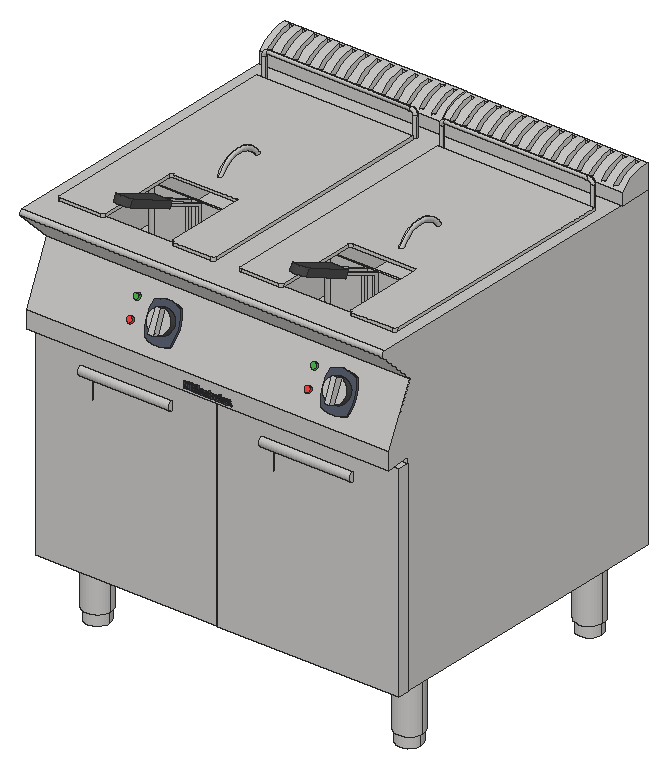
Revit family "QF_ELECTROLUXPROFESSIONAL_371078_E7FREH2BF0", category Specialty Equipment, Revit 2018 (continued)
Automatic sketch dimensions
  Extrusion 18 sketch curve to Extrusion 18 sketch curve = 106.78 mm
  Extrusion 18 sketch curve to Extrusion 18 sketch curve = 18.617 mm
  Extrusion 20 sketch curve to plane 11 = 1.013 mm
  Extrusion 20 sketch curve to plane 11 = 3.696 mm
  Extrusion 20 sketch curve to plane 10 "TOP A" = 11.567 mm
  Extrusion 20 sketch curve to plane 11 = 84.899 mm
  Extrusion 20 sketch curve to plane 10 "TOP A" = 7.522 mm
  Extrusion 20 sketch curve to Extrusion 20 sketch curve = 6.35 mm
  Extrusion 20 sketch curve to Extrusion 20 sketch curve = 97.432 mm
  Extrusion 21 sketch curve to plane 11 = 1.013 mm
  Extrusion 21 sketch curve to plane 11 = 3.696 mm
  Extrusion 21 sketch curve to plane 10 "TOP A" = 11.567 mm
  Extrusion 21 sketch curve to plane 11 = 84.899 mm
  Extrusion 21 sketch curve to Extrusion 21 sketch curve = 6.35 mm
  Extrusion 21 sketch curve to Extrusion 21 sketch curve = 97.432 mm
  Extrusion 21 sketch curve to plane 10 "TOP A" = 7.522 mm
  plane 1 "BACK" to Extrusion 23 sketch curve = 6.761 mm
  Extrusion 23 sketch curve to plane 7 "Center Y" = 15.351 mm
  Extrusion 23 sketch curve to Extrusion 23 sketch curve = 9.296 mm
  Extrusion 23 sketch curve to Extrusion 23 sketch curve = 57.15 mm
  plane 1 "BACK" to Extrusion 24 sketch curve = 6.761 mm
  plane 3 "LEFT" to Extrusion 24 sketch curve = 50.591 mm
  Extrusion 24 sketch curve to Extrusion 24 sketch curve = 9.296 mm
  Extrusion 24 sketch curve to Extrusion 24 sketch curve = 57.15 mm
  plane 1 "BACK" to Extrusion 25 sketch curve = 6.761 mm
  plane 3 "LEFT" to Extrusion 25 sketch curve = 78.433 mm
  Extrusion 25 sketch curve to Extrusion 25 sketch curve = 9.296 mm
  Extrusion 25 sketch curve to Extrusion 25 sketch curve = 57.15 mm
  plane 1 "BACK" to Extrusion 26 sketch curve = 6.761 mm
  plane 3 "LEFT" to Extrusion 26 sketch curve = 106.275 mm
  Extrusion 26 sketch curve to Extrusion 26 sketch curve = 9.296 mm
  Extrusion 26 sketch curve to Extrusion 26 sketch curve = 57.15 mm
  plane 1 "BACK" to Extrusion 27 sketch curve = 6.761 mm
  plane 3 "LEFT" to Extrusion 27 sketch curve = 134.118 mm
  Extrusion 27 sketch curve to Extrusion 27 sketch curve = 9.296 mm
  Extrusion 27 sketch curve to Extrusion 27 sketch curve = 57.15 mm
  plane 1 "BACK" to Extrusion 28 sketch curve = 6.761 mm
  plane 3 "LEFT" to Extrusion 28 sketch curve = 161.96 mm
  Extrusion 28 sketch curve to Extrusion 28 sketch curve = 9.296 mm
  Extrusion 28 sketch curve to Extrusion 28 sketch curve = 57.15 mm
  plane 1 "BACK" to Extrusion 29 sketch curve = 6.761 mm
  plane 3 "LEFT" to Extrusion 29 sketch curve = 189.802 mm
  Extrusion 29 sketch curve to Extrusion 29 sketch curve = 9.296 mm
  Extrusion 29 sketch curve to Extrusion 29 sketch curve = 57.15 mm
  plane 1 "BACK" to Extrusion 30 sketch curve = 6.761 mm
  Extrusion 30 sketch curve to plane 7 "Center Y" = 182.405 mm
  Extrusion 30 sketch curve to Extrusion 30 sketch curve = 9.296 mm
  Extrusion 30 sketch curve to Extrusion 30 sketch curve = 57.15 mm
  plane 1 "BACK" to Extrusion 31 sketch curve = 6.761 mm
  Extrusion 31 sketch curve to plane 7 "Center Y" = 154.563 mm
  Extrusion 31 sketch curve to Extrusion 31 sketch curve = 9.296 mm
  Extrusion 31 sketch curve to Extrusion 31 sketch curve = 57.15 mm
  plane 1 "BACK" to Extrusion 32 sketch curve = 6.761 mm
  Extrusion 32 sketch curve to plane 7 "Center Y" = 126.721 mm
  Extrusion 32 sketch curve to Extrusion 32 sketch curve = 9.296 mm
  Extrusion 32 sketch curve to Extrusion 32 sketch curve = 57.15 mm
  plane 1 "BACK" to Extrusion 33 sketch curve = 6.761 mm
  Extrusion 33 sketch curve to plane 7 "Center Y" = 98.878 mm
  Extrusion 33 sketch curve to Extrusion 33 sketch curve = 9.296 mm
  Extrusion 33 sketch curve to Extrusion 33 sketch curve = 57.15 mm
  plane 1 "BACK" to Extrusion 34 sketch curve = 6.761 mm
  Extrusion 34 sketch curve to plane 7 "Center Y" = 71.036 mm
  Extrusion 34 sketch curve to Extrusion 34 sketch curve = 9.296 mm
  Extrusion 34 sketch curve to Extrusion 34 sketch curve = 57.15 mm
  plane 1 "BACK" to Extrusion 35 sketch curve = 6.761 mm
  Extrusion 35 sketch curve to plane 7 "Center Y" = 43.194 mm
  Extrusion 35 sketch curve to Extrusion 35 sketch curve = 9.296 mm
  Extrusion 35 sketch curve to Extrusion 35 sketch curve = 57.15 mm
  Extrusion 37 sketch curve to plane 1 "BACK" = 6.761 mm
  Extrusion 37 sketch curve to plane 7 "Center Y" = 15.351 mm
  Extrusion 37 sketch curve to Extrusion 37 sketch curve = 9.296 mm
  Extrusion 37 sketch curve to Extrusion 37 sketch curve = 57.15 mm
  Extrusion 44 sketch curve to plane 1 "BACK" = 6.761 mm
  Extrusion 44 sketch curve to plane 7 "Center Y" = 182.405 mm
  Extrusion 44 sketch curve to Extrusion 44 sketch curve = 9.296 mm
  Extrusion 44 sketch curve to Extrusion 44 sketch curve = 57.15 mm
  Extrusion 45 sketch curve to plane 1 "BACK" = 6.761 mm
  Extrusion 45 sketch curve to plane 7 "Center Y" = 154.563 mm
  Extrusion 45 sketch curve to Extrusion 45 sketch curve = 9.296 mm
  Extrusion 45 sketch curve to Extrusion 45 sketch curve = 57.15 mm
  Extrusion 46 sketch curve to plane 1 "BACK" = 6.761 mm
  Extrusion 46 sketch curve to plane 7 "Center Y" = 126.721 mm
  Extrusion 46 sketch curve to Extrusion 46 sketch curve = 9.296 mm
  Extrusion 46 sketch curve to Extrusion 46 sketch curve = 57.15 mm
  Extrusion 47 sketch curve to plane 1 "BACK" = 6.761 mm
  Extrusion 47 sketch curve to plane 7 "Center Y" = 98.878 mm
  Extrusion 47 sketch curve to Extrusion 47 sketch curve = 9.296 mm
  Extrusion 47 sketch curve to Extrusion 47 sketch curve = 57.15 mm
  Extrusion 48 sketch curve to plane 1 "BACK" = 6.761 mm
  Extrusion 48 sketch curve to plane 7 "Center Y" = 71.036 mm
  Extrusion 48 sketch curve to Extrusion 48 sketch curve = 9.296 mm
  Extrusion 48 sketch curve to Extrusion 48 sketch curve = 57.15 mm
  Extrusion 49 sketch curve to plane 1 "BACK" = 6.761 mm
  Extrusion 49 sketch curve to plane 7 "Center Y" = 43.194 mm
  Extrusion 49 sketch curve to Extrusion 49 sketch curve = 9.296 mm
  Extrusion 49 sketch curve to Extrusion 49 sketch curve = 57.15 mm
  plane 1 "BACK" to Extrusion 50 sketch curve = 0 mm
  plane 7 "Center Y" to Extrusion 50 sketch curve = 1.587 mm
  Extrusion 50 sketch curve to plane 7 "Center Y" = 1.588 mm
  Extrusion 50 sketch curve to plane 1 "BACK" = 69.85 mm
  Extrusion 52 sketch curve to plane 5 "FRONT" = 42.863 mm
  Extrusion 52 sketch curve to Extrusion 52 sketch curve = 15 mm
  Extrusion 52 sketch curve to plane 9 "BASE" = 101.212 mm
  Extrusion 52 sketch curve to Extrusion 52 sketch curve = 41.212 mm
  Extrusion 53 sketch curve to plane 5 "FRONT" = 42.863 mm
  Extrusion 53 sketch curve to plane 9 "BASE" = 60 mm
  Extrusion 53 sketch curve to Extrusion 53 sketch curve = 10 mm
  Extrusion 54 sketch curve to plane 5 "FRONT" = 42.863 mm
  Extrusion 54 sketch curve to Extrusion 54 sketch curve = 15 mm
  Extrusion 54 sketch curve to plane 9 "BASE" = 60 mm
  Extrusion 54 sketch curve to Extrusion 54 sketch curve = 41.212 mm
  Extrusion 55 sketch curve to plane 5 "FRONT" = 42.863 mm
  Extrusion 55 sketch curve to plane 9 "BASE" = 40 mm
  Extrusion 55 sketch curve to Extrusion 55 sketch curve = 10 mm
  Revolve 56 sketch curve to level = 0 mm
  Revolve 56 sketch curve to plane 14 = 0 mm  (x2)
  level to Revolve 56 sketch curve = 25 mm
  Revolve 56 sketch curve to Revolve 56 sketch curve = 20 mm
  plane 3 "LEFT" to Revolve 56 sketch curve = 56 mm
  Revolve 56 sketch curve to Revolve 56 sketch curve = 0 mm
  plane 3 "LEFT" to Revolve 56 sketch curve = 29.75 mm
  plane 3 "LEFT" to Revolve 56 sketch curve = 26 mm
  Revolve 57 sketch curve to level = 0 mm
  Revolve 57 sketch curve to plane 14 = 0 mm  (x2)
  level to Revolve 57 sketch curve = 25 mm
  Revolve 57 sketch curve to Revolve 57 sketch curve = 20 mm
  plane 3 "LEFT" to Revolve 57 sketch curve = 56 mm
  Revolve 57 sketch curve to Revolve 57 sketch curve = 0 mm
  plane 3 "LEFT" to Revolve 57 sketch curve = 29.75 mm
  plane 3 "LEFT" to Revolve 57 sketch curve = 26 mm
  plane 3 "LEFT" to curve 170 = 13.453 mm
  curve 170 to curve 170 = 9.296 mm
  curve 170 to curve 172 = 18.547 mm
  curve 172 to curve 172 = 9.296 mm
  curve 172 to curve 173 = 18.547 mm
  curve 173 to curve 173 = 9.296 mm
  curve 173 to curve 174 = 18.547 mm
  curve 174 to curve 174 = 9.296 mm
  curve 174 to curve 175 = 18.547 mm
  curve 175 to curve 175 = 9.296 mm
  curve 175 to curve 176 = 18.547 mm
  curve 176 to curve 176 = 9.296 mm
  curve 176 to curve 177 = 18.547 mm
  curve 177 to curve 177 = 9.296 mm
  curve 177 to curve 178 = 18.547 mm
  curve 178 to curve 178 = 9.296 mm
  curve 178 to curve 179 = 18.547 mm
  curve 179 to curve 179 = 9.296 mm
  curve 179 to curve 180 = 18.547 mm
  curve 180 to curve 180 = 9.296 mm
  curve 180 to curve 181 = 18.547 mm
  curve 181 to curve 181 = 9.296 mm
  curve 181 to curve 182 = 18.547 mm
  curve 182 to curve 182 = 9.296 mm
  curve 182 to curve 183 = 18.547 mm
  curve 183 to curve 183 = 9.296 mm
  curve 183 to curve 171 = 18.547 mm
  curve 171 to curve 171 = 9.296 mm
  plane 7 "Center Y" to curve 185 = 15.351 mm
  curve 185 to curve 185 = 9.296 mm
  curve 185 to curve 197 = 18.547 mm
  curve 197 to curve 197 = 9.296 mm
  curve 197 to curve 196 = 18.547 mm
  curve 196 to curve 196 = 9.296 mm
  curve 196 to curve 195 = 18.547 mm
  curve 195 to curve 195 = 9.296 mm
  curve 195 to curve 194 = 18.547 mm
  curve 194 to curve 194 = 9.296 mm
  curve 194 to curve 193 = 18.547 mm
  curve 193 to curve 193 = 9.296 mm
  curve 193 to curve 192 = 18.547 mm
  curve 192 to curve 192 = 9.296 mm
  curve 192 to curve 191 = 18.547 mm
  curve 191 to curve 191 = 9.296 mm
  curve 191 to curve 190 = 18.547 mm
  curve 190 to curve 190 = 9.296 mm
  curve 190 to curve 189 = 18.547 mm
  curve 189 to curve 189 = 9.296 mm
  curve 189 to curve 188 = 18.547 mm
  curve 188 to curve 188 = 9.296 mm
  curve 188 to curve 187 = 18.547 mm
  curve 187 to curve 187 = 9.296 mm
  curve 187 to curve 186 = 18.547 mm
  curve 186 to curve 186 = 9.296 mm
  curve 186 to curve 184 = 18.547 mm
  curve 184 to curve 184 = 9.296 mm
  plane 1 "BACK" to curve 170 = 63.911 mm
  plane 1 "BACK" to curve 171 = 63.911 mm
  curve 170 to curve 172 = 0 mm
  curve 172 to curve 173 = 0 mm
  curve 173 to curve 174 = 0 mm
  curve 174 to curve 175 = 0 mm
  curve 175 to curve 176 = 0 mm
  curve 176 to curve 177 = 0 mm
  curve 177 to curve 178 = 0 mm
  curve 178 to curve 179 = 0 mm
  curve 179 to curve 180 = 0 mm
  curve 180 to curve 181 = 0 mm
  curve 181 to curve 182 = 0 mm
  curve 182 to curve 183 = 0 mm
  plane 1 "BACK" to curve 184 = 63.911 mm
  curve 171 to curve 185 = 0 mm
  curve 186 to curve 184 = 0 mm
  curve 187 to curve 186 = 0 mm
  curve 188 to curve 187 = 0 mm
  curve 189 to curve 188 = 0 mm
  curve 190 to curve 189 = 0 mm
  curve 191 to curve 190 = 0 mm
  curve 192 to curve 191 = 0 mm
  curve 193 to curve 192 = 0 mm
  curve 194 to curve 193 = 0 mm
  curve 195 to curve 194 = 0 mm
  curve 196 to curve 195 = 0 mm
  curve 197 to curve 196 = 0 mm
  Extrusion 2 sketch curve to plane 10 "TOP A" = 0 mm
  Extrusion 2 sketch curve to plane 1 "BACK" = 0 mm
  Extrusion 2 sketch curve to plane 6 "TOP" = 0 mm
  plane 1 "BACK" to Extrusion 2 sketch curve = 1.769 mm
  plane 10 "TOP A" to Extrusion 2 sketch curve = 25.4 mm
  plane 1 "BACK" to Extrusion 2 sketch curve = 69.85 mm
  plane 12 to Extrusion 3 sketch curve = 0.124 mm  (x2)
  Extrusion 3 sketch curve to plane 4 "RIGHT" = 33.338 mm
  plane 7 "Center Y" to Extrusion 3 sketch curve = 26.988 mm
  Extrusion 3 sketch curve to plane 7 "Center Y" = 26.988 mm
  plane 3 "LEFT" to Extrusion 3 sketch curve = 33.338 mm
  plane 11 to Extrusion 3 sketch curve = 57.877 mm
  Extrusion 3 sketch curve to Extrusion 3 sketch curve = 0 mm
  Extrusion 5 sketch curve to Extrusion 1 = 31.333 mm  (x4)
  Extrusion 5 sketch curve to Extrusion 5 sketch curve = 12.3 mm  (x6)
  Extrusion 5 sketch curve to Extrusion 5 sketch curve = 34.925 mm  (x4)
  Extrusion 1 to Extrusion 5 sketch curve = 44.467 mm  (x2)
  Extrusion 1 to Extrusion 5 sketch curve = 76.335 mm
  Extrusion 5 sketch curve to Extrusion 5 sketch curve = 25.727 mm  (x4)
  Extrusion 5 sketch curve to Extrusion 5 sketch curve = 28.575 mm  (x2)
  Extrusion 5 sketch curve to Extrusion 5 sketch curve = 280.219 mm
  Extrusion 6 sketch curve to Extrusion 6 sketch curve = 0 mm
  Extrusion 6 sketch curve to Extrusion 6 sketch curve = 388.937 mm
  Extrusion 7 sketch curve to Extrusion 7 sketch curve = 24.732 mm  (x2)
  Extrusion 7 sketch curve to Extrusion 7 sketch curve = 0 mm  (x2)
  Extrusion 1 to Extrusion 8 sketch curve = 39.678 mm  (x2)
  Extrusion 1 to Extrusion 8 sketch curve = 194.515 mm
  Extrusion 1 to Extrusion 8 sketch curve = 213.473 mm
  Extrusion 9 sketch curve to Extrusion 1 = 50.809 mm  (x2)
  Extrusion 1 to Extrusion 9 sketch curve = 194.515 mm
  Extrusion 1 to Extrusion 9 sketch curve = 213.473 mm
  plane 1 "BACK" to Extrusion 10 sketch curve = 0 mm
  Extrusion 10 sketch curve to plane 3 "LEFT" = 0 mm
  Extrusion 10 sketch curve to plane 4 "RIGHT" = 0 mm
  Extrusion 10 sketch curve to plane 3 "LEFT" = 150.019 mm
  plane 5 "FRONT" to Extrusion 10 sketch curve = 1.377 mm  (x2)
  plane 4 "RIGHT" to Extrusion 10 sketch curve = 150.019 mm
  Extrusion 10 sketch curve to plane 1 "BACK" = 150.019 mm
  curve 168 to plane 4 "RIGHT" = 0 mm
  curve 7 to plane 4 "RIGHT" = 0 mm
  plane 5 "FRONT" to curve 169 = 0 mm
  plane 1 "BACK" to curve 163 = 0 mm
  curve 6 to plane 3 "LEFT" = 0 mm
  curve 166 to plane 3 "LEFT" = 0 mm
  plane 4 "RIGHT" to curve 3 = 150.019 mm
  curve 122 to curve 121 = 9.296 mm
  curve 56 to plane 4 "RIGHT" = 26.987 mm
  curve 44 to curve 44 = 6.35 mm
  curve 43 to curve 78 = 10.61 mm
  plane 1 "BACK" to curve 129 = 6.761 mm
  curve 121 to curve 129 = 18.547 mm
  curve 128 to curve 127 = 9.296 mm
  curve 127 to curve 131 = 18.547 mm
  curve 169 to plane 4 "RIGHT" = 74.24 mm
  curve 131 to curve 132 = 9.296 mm
  curve 130 to curve 134 = 18.547 mm
  curve 169 to curve 46 = 47.997 mm
  curve 48 to plane 4 "RIGHT" = 128.587 mm
  curve 47 to curve 48 = 6.35 mm
  plane 1 "BACK" to curve 140 = 6.761 mm
  curve 136 to curve 140 = 18.547 mm
  curve 140 to curve 139 = 9.296 mm
  curve 47 to curve 67 = 54.879 mm
  curve 60 to curve 67 = 0 mm
  curve 60 to curve 67 = 3.442 mm
  curve 143 to curve 142 = 9.296 mm
  curve 58 to curve 64 = 4.079 mm
  curve 48 to curve 68 = 60.633 mm
  curve 64 to curve 63 = 5.857 mm
  curve 68 to curve 70 = 4.449 mm
  curve 67 to curve 60 = 18.617 mm
  curve 67 to curve 60 = 0 mm
  curve 63 to curve 66 = 17.363 mm
  curve 146 to curve 147 = 9.296 mm
  curve 66 to curve 65 = 5.857 mm
  curve 61 to curve 62 = 37.235 mm
  plane 1 "BACK" to curve 150 = 6.761 mm
  curve 145 to curve 150 = 18.547 mm
  curve 149 to curve 148 = 9.296 mm
  curve 65 to curve 50 = 51.399 mm
  curve 152 to curve 151 = 9.296 mm
  curve 62 to curve 62 = 53.67 mm
  curve 51 to curve 53 = 6.35 mm
  plane 1 "BACK" to curve 156 = 6.761 mm
  curve 151 to curve 156 = 18.547 mm
  curve 155 to curve 156 = 9.296 mm
  curve 158 to curve 159 = 9.296 mm
  plane 7 "Center Y" to curve 169 = 54.971 mm
  curve 157 to curve 161 = 18.547 mm
  curve 161 to curve 160 = 9.296 mm
  plane 7 "Center Y" to curve 53 = 33.338 mm
  plane 7 "Center Y" to curve 79 = 28.891 mm
  curve 54 to curve 54 = 6.35 mm
  curve 160 to curve 125 = 18.547 mm
  curve 125 to curve 124 = 9.296 mm
  plane 7 "Center Y" to curve 168 = 3.9 mm
  plane 7 "Center Y" to curve 163 = 1.588 mm
  curve 164 to plane 7 "Center Y" = 1.587 mm
  curve 166 to plane 7 "Center Y" = 3.9 mm
  plane 1 "BACK" to curve 82 = 6.761 mm
  curve 164 to curve 82 = 13.764 mm
  curve 24 to plane 7 "Center Y" = 26.988 mm
  curve 23 to curve 77 = 1.903 mm
  curve 22 to curve 22 = 6.35 mm
  curve 83 to curve 118 = 18.547 mm
  curve 118 to curve 120 = 9.296 mm
  curve 167 to plane 7 "Center Y" = 54.971 mm
  curve 116 to curve 112 = 18.547 mm
  curve 112 to curve 113 = 9.296 mm
  curve 22 to curve 20 = 82.55 mm
  curve 18 to plane 7 "Center Y" = 122.238 mm
  plane 1 "BACK" to curve 109 = 6.761 mm
  curve 113 to curve 109 = 18.547 mm
  curve 18 to curve 17 = 6.35 mm
  curve 109 to curve 110 = 9.296 mm
  plane 1 "BACK" to curve 108 = 6.761 mm
  curve 110 to curve 108 = 18.547 mm
  curve 106 to curve 107 = 9.296 mm
  curve 27 to plane 11 = 5.711 mm
  curve 19 to curve 27 = 53.67 mm
  curve 26 to curve 34 = 4.079 mm
  curve 107 to curve 103 = 18.547 mm
  curve 34 to curve 35 = 5.857 mm
  curve 103 to curve 104 = 9.296 mm
  curve 36 to curve 36 = 18.617 mm
  curve 29 to curve 36 = 0 mm
  plane 8 "Center X" to curve 38 = 38.031 mm
  curve 18 to curve 38 = 66.994 mm
  curve 40 to curve 40 = 4.449 mm
  curve 35 to curve 32 = 17.363 mm
  curve 32 to curve 33 = 5.857 mm
  plane 1 "BACK" to curve 102 = 6.761 mm
  curve 104 to curve 102 = 18.547 mm
  curve 33 to curve 28 = 4.079 mm
  curve 36 to curve 36 = 3.442 mm
  curve 36 to curve 29 = 3.442 mm
  curve 100 to curve 101 = 9.296 mm
  curve 101 to curve 97 = 18.547 mm
  curve 97 to curve 99 = 9.296 mm
  curve 33 to curve 17 = 56.049 mm
  plane 1 "BACK" to curve 94 = 6.761 mm
  curve 98 to curve 94 = 18.547 mm
  curve 16 to curve 15 = 6.35 mm
  curve 94 to curve 95 = 9.296 mm
  curve 15 to curve 14 = 6.35 mm
  curve 95 to curve 91 = 18.547 mm
  plane 1 "BACK" to curve 88 = 6.761 mm
  curve 92 to curve 88 = 18.547 mm
  curve 167 to curve 5 = 74.24 mm
  curve 88 to curve 90 = 9.296 mm
  plane 3 "LEFT" to curve 75 = 37.598 mm
  plane 3 "LEFT" to curve 12 = 33.338 mm
  curve 75 to curve 11 = 10.61 mm
  curve 8 to curve 9 = 9.296 mm
  plane 5 "FRONT" to curve 1 = 1.377 mm
  curve 1 to plane 3 "LEFT" = 150.019 mm
  curve 1 to plane 1 "BACK" = 150.019 mm
  plane 1 "BACK" to curve 162 = 6.761 mm
  plane 1 "BACK" to curve 98 = 6.761 mm
  plane 1 "BACK" to curve 8 = 6.761 mm
  plane 1 "BACK" to curve 93 = 6.761 mm
  plane 1 "BACK" to curve 159 = 6.761 mm
  plane 1 "BACK" to curve 87 = 6.761 mm
  plane 1 "BACK" to curve 153 = 6.761 mm
  plane 1 "BACK" to curve 147 = 6.761 mm
  plane 1 "BACK" to curve 103 = 6.761 mm
  plane 1 "BACK" to curve 144 = 6.761 mm
  plane 1 "BACK" to curve 138 = 6.761 mm
  plane 1 "BACK" to curve 112 = 6.761 mm
  plane 1 "BACK" to curve 135 = 6.761 mm
  plane 1 "BACK" to curve 115 = 6.761 mm
  plane 1 "BACK" to curve 132 = 6.761 mm
  plane 1 "BACK" to curve 118 = 6.761 mm
  plane 1 "BACK" to curve 121 = 6.761 mm
  plane 1 "BACK" to curve 126 = 6.761 mm
  curve 125 to curve 125 = 57.15 mm
  curve 127 to curve 121 = 0 mm
  curve 130 to curve 127 = 0 mm
  curve 133 to curve 130 = 0 mm
  curve 136 to curve 133 = 0 mm
  curve 139 to curve 136 = 0 mm
  curve 142 to curve 139 = 0 mm
  curve 145 to curve 142 = 0 mm
  curve 118 to curve 82 = 0 mm
  curve 148 to curve 145 = 0 mm
  curve 8 to curve 85 = 0 mm
  curve 151 to curve 148 = 0 mm
  curve 85 to curve 88 = 0 mm
  curve 154 to curve 151 = 0 mm
  curve 88 to curve 91 = 0 mm
  curve 157 to curve 154 = 0 mm
  curve 94 to curve 98 = 0 mm
  curve 125 to curve 160 = 0 mm
  curve 82 to curve 164 = 5.939 mm
  curve 25 to curve 165 = 0 mm
  curve 125 to curve 78 = 36.504 mm
  curve 83 to curve 77 = 36.504 mm
  curve 74 to curve 75 = 7.655 mm
  curve 78 to curve 79 = 7.655 mm
  curve 79 to curve 56 = 4.767 mm
  curve 75 to curve 11 = 4.767 mm
  plane 8 "Center X" to curve 71 = 38.031 mm
  curve 37 to plane 8 "Center X" = 63.432 mm
  curve 70 to plane 8 "Center X" = 63.432 mm
  curve 69 to curve 50 = 46.229 mm
  curve 37 to curve 16 = 46.229 mm
  curve 50 to curve 72 = 22.324 mm
  curve 16 to curve 41 = 22.324 mm
  curve 72 to curve 73 = 3.175 mm
  curve 41 to curve 42 = 3.175 mm
  curve 66 to plane 11 = 5.711 mm
  plane 11 to curve 55 = 57.877 mm
  plane 11 to curve 19 = 57.877 mm
  plane 11 to curve 43 = 57.877 mm
  plane 11 to curve 15 = 57.877 mm
  curve 11 to curve 166 = 31.626 mm
  curve 43 to curve 168 = 31.626 mm
  curve 30 to curve 36 = 33.188 mm
  curve 61 to curve 67 = 33.188 mm
  curve 67 to curve 60 = 6.713 mm
  curve 36 to curve 29 = 6.713 mm  (x2)
  curve 29 to curve 36 = 4.011 mm
  curve 60 to curve 67 = 4.011 mm
  curve 67 to curve 59 = 6.713 mm
  plane 5 "FRONT" to curve 3 = 1.377 mm
  Extrusion 11 sketch curve to plane 4 "RIGHT" = 26.988 mm
  Extrusion 11 sketch curve to Extrusion 11 sketch curve = 6.35 mm  (x8)
  Extrusion 11 sketch curve to Extrusion 11 sketch curve = 88.9 mm
  Extrusion 11 sketch curve to plane 4 "RIGHT" = 128.588 mm
  plane 7 "Center Y" to Extrusion 11 sketch curve = 128.588 mm
  plane 11 to Extrusion 11 sketch curve = 57.877 mm  (x4)
  plane 7 "Center Y" to Extrusion 11 sketch curve = 122.238 mm
  plane 7 "Center Y" to Extrusion 11 sketch curve = 33.338 mm
  Extrusion 11 sketch curve to plane 7 "Center Y" = 26.988 mm
  Extrusion 11 sketch curve to Extrusion 11 sketch curve = 82.55 mm
  plane 3 "LEFT" to Extrusion 11 sketch curve = 134.938 mm
  plane 3 "LEFT" to Extrusion 11 sketch curve = 128.588 mm
  plane 3 "LEFT" to Extrusion 11 sketch curve = 33.338 mm
  plane 3 "LEFT" to Extrusion 11 sketch curve = 26.988 mm
  Extrusion 11 sketch curve to plane 8 "Center X" = 116.012 mm  (x2)
  Extrusion 11 sketch curve to plane 12 = 34.801 mm  (x2)
  Sweep 12 sketch curve to plane 10 "TOP A" = 0 mm  (x2)
  Sweep 12 sketch curve to plane 6 "TOP" = 9.525 mm
  plane 3 "LEFT" to Sweep 12 sketch curve = 39.688 mm
  Sweep 12 sketch curve to Sweep 12 sketch curve = 6.35 mm  (x2)
  Sweep 12 sketch curve to plane 7 "Center Y" = 37.331 mm
  Sweep 12 sketch curve to profile plane = 2.09 mm
  profile plane to Sweep 12 sketch curve = 140.754 mm
  Extrusion 19 sketch curve to Extrusion 19 sketch curve = 0 mm  (x16)
  Extrusion 19 sketch curve to plane 4 "RIGHT" = 91.225 mm
  Extrusion 19 sketch curve to Extrusion 19 sketch curve = 3.175 mm  (x2)
  Extrusion 19 sketch curve to Extrusion 19 sketch curve = 22.225 mm  (x6)
  plane 7 "Center Y" to Extrusion 19 sketch curve = 105.625 mm  (x2)
  plane 12 to Extrusion 19 sketch curve = 44.673 mm
  Extrusion 19 sketch curve to plane 7 "Center Y" = 80.225 mm
  plane 3 "LEFT" to Extrusion 19 sketch curve = 116.625 mm  (x2)
  plane 12 to Extrusion 19 sketch curve = 41.498 mm
  Extrusion 19 sketch curve to plane 8 "Center X" = 116.11 mm  (x2)
  Sweep 22 sketch curve to plane 10 "TOP A" = 0 mm  (x2)
  Sweep 22 sketch curve to plane 6 "TOP" = 9.525 mm
  Sweep 22 sketch curve to plane 4 "RIGHT" = 39.688 mm
  Sweep 22 sketch curve to Sweep 22 sketch curve = 6.35 mm  (x2)
  plane 7 "Center Y" to Sweep 22 sketch curve = 37.331 mm
  profile plane to Sweep 22 sketch curve = 2.09 mm
  profile plane to Sweep 22 sketch curve = 140.754 mm
  Extrusion 36 sketch curve to plane 1 "BACK" = 6.761 mm
  plane 4 "RIGHT" to Extrusion 36 sketch curve = 22.749 mm
  Extrusion 36 sketch curve to Extrusion 36 sketch curve = 9.296 mm
  Extrusion 36 sketch curve to Extrusion 36 sketch curve = 57.15 mm
  Extrusion 38 sketch curve to plane 1 "BACK" = 6.761 mm
  plane 4 "RIGHT" to Extrusion 38 sketch curve = 50.591 mm
  Extrusion 38 sketch curve to Extrusion 38 sketch curve = 9.296 mm
  Extrusion 38 sketch curve to Extrusion 38 sketch curve = 57.15 mm
  Extrusion 39 sketch curve to plane 1 "BACK" = 6.761 mm
  plane 4 "RIGHT" to Extrusion 39 sketch curve = 78.433 mm
  Extrusion 39 sketch curve to Extrusion 39 sketch curve = 9.296 mm
  Extrusion 39 sketch curve to Extrusion 39 sketch curve = 57.15 mm
  Extrusion 40 sketch curve to plane 1 "BACK" = 6.761 mm
  plane 4 "RIGHT" to Extrusion 40 sketch curve = 106.275 mm
  Extrusion 40 sketch curve to Extrusion 40 sketch curve = 9.296 mm
  Extrusion 40 sketch curve to Extrusion 40 sketch curve = 57.15 mm
  Extrusion 41 sketch curve to plane 1 "BACK" = 6.761 mm
  plane 4 "RIGHT" to Extrusion 41 sketch curve = 134.118 mm
  Extrusion 41 sketch curve to Extrusion 41 sketch curve = 9.296 mm
  Extrusion 41 sketch curve to Extrusion 41 sketch curve = 57.15 mm
  Extrusion 42 sketch curve to plane 1 "BACK" = 6.761 mm
  plane 4 "RIGHT" to Extrusion 42 sketch curve = 161.96 mm
  Extrusion 42 sketch curve to Extrusion 42 sketch curve = 9.296 mm
  Extrusion 42 sketch curve to Extrusion 42 sketch curve = 57.15 mm
  Extrusion 43 sketch curve to plane 1 "BACK" = 6.761 mm
  plane 4 "RIGHT" to Extrusion 43 sketch curve = 189.802 mm
  Extrusion 43 sketch curve to Extrusion 43 sketch curve = 9.296 mm
  Extrusion 43 sketch curve to Extrusion 43 sketch curve = 57.15 mm
  Extrusion 51 sketch curve to Extrusion 1 = 0 mm
  Extrusion 1 to Extrusion 51 sketch curve = 12.7 mm
  Extrusion 1 to Extrusion 51 sketch curve = 398.463 mm
  Extrusion 51 sketch curve to Extrusion 51 sketch curve = 3.175 mm
  Revolve 58 sketch curve to level = 0 mm
  Revolve 58 sketch curve to plane 14 = 0 mm  (x2)
  level to Revolve 58 sketch curve = 25 mm
  Revolve 58 sketch curve to Revolve 58 sketch curve = 20 mm
  Revolve 58 sketch curve to plane 4 "RIGHT" = 26 mm
  Revolve 58 sketch curve to Revolve 58 sketch curve = 3.75 mm
  Revolve 58 sketch curve to Revolve 58 sketch curve = 30 mm
  Revolve 58 sketch curve to Revolve 58 sketch curve = 0 mm
  Revolve 59 sketch curve to level = 0 mm
  Revolve 59 sketch curve to plane 14 = 0 mm  (x2)
  level to Revolve 59 sketch curve = 25 mm
  Revolve 59 sketch curve to Revolve 59 sketch curve = 20 mm
  Revolve 59 sketch curve to plane 4 "RIGHT" = 26 mm
  Revolve 59 sketch curve to Revolve 59 sketch curve = 3.75 mm
  Revolve 59 sketch curve to Revolve 59 sketch curve = 30 mm
  Revolve 59 sketch curve to Revolve 59 sketch curve = 0 mm
  Extrusion 60 sketch curve to plane 4 "RIGHT" = 0 mm
  Extrusion 60 sketch curve to plane 3 "LEFT" = 0 mm
  plane 7 "Center Y" to Extrusion 60 sketch curve = 1.588 mm
  Extrusion 60 sketch curve to plane 7 "Center Y" = 1.588 mm
  Extrusion 60 sketch curve to plane 5 "FRONT" = 42.863 mm  (x2)
  Extrusion 61 sketch curve to plane 4 "RIGHT" = 56 mm
  Extrusion 61 sketch curve to plane 11 = 92.884 mm
  curve 122 to plane 4 "RIGHT" = 13.453 mm
  curve 134 to curve 133 = 9.296 mm
  curve 133 to curve 138 = 18.547 mm
  curve 137 to curve 138 = 9.296 mm
  curve 139 to curve 143 = 18.547 mm
  curve 142 to curve 146 = 18.547 mm
  curve 148 to curve 152 = 18.547 mm
  curve 154 to curve 158 = 18.547 mm
  curve 82 to curve 84 = 9.296 mm
  curve 119 to curve 115 = 18.547 mm
  curve 115 to curve 116 = 9.296 mm
  curve 91 to curve 92 = 9.296 mm
  curve 89 to curve 85 = 18.547 mm
  curve 85 to curve 86 = 9.296 mm
  curve 86 to curve 10 = 18.547 mm
  curve 112 to curve 112 = 57.15 mm
  curve 113 to curve 112 = 0 mm
  curve 112 to curve 115 = 0 mm
  curve 116 to curve 115 = 0 mm
  curve 115 to curve 118 = 0 mm
  curve 110 to curve 113 = 0 mm
  curve 110 to curve 109 = 0 mm
  curve 119 to curve 118 = 0 mm
  curve 121 to curve 165 = 5.939 mm
  curve 121 to curve 122 = 0 mm
  curve 124 to curve 125 = 0 mm
  curve 107 to curve 110 = 0 mm
  curve 107 to curve 106 = 0 mm
  curve 127 to curve 128 = 0 mm
  curve 104 to curve 107 = 0 mm
  curve 104 to curve 103 = 0 mm
  curve 130 to curve 131 = 0 mm
  curve 133 to curve 134 = 0 mm
  curve 101 to curve 104 = 0 mm
  curve 101 to curve 100 = 0 mm
  curve 136 to curve 137 = 0 mm
  curve 139 to curve 140 = 0 mm
  curve 98 to curve 101 = 0 mm
  curve 98 to curve 97 = 0 mm
  curve 142 to curve 143 = 0 mm
  curve 86 to curve 25 = 5.939 mm
  curve 86 to curve 85 = 0 mm
  curve 95 to curve 94 = 0 mm
  curve 145 to curve 146 = 0 mm
  curve 148 to curve 149 = 0 mm
  curve 92 to curve 91 = 0 mm
  curve 151 to curve 152 = 0 mm
  curve 154 to curve 155 = 0 mm
  curve 89 to curve 88 = 0 mm
  curve 9 to curve 8 = 0 mm
  curve 160 to curve 161 = 0 mm
  curve 83 to curve 82 = 0 mm
  curve 157 to curve 158 = 0 mm
  plane 9 "BASE" to Extrusion 62 sketch curve = 9.251 mm
  plane 9 "BASE" to Extrusion 62 sketch curve = 14.292 mm
  plane 7 "Center Y" to Extrusion 62 sketch curve = 5.651 mm
  plane 9 "BASE" to Extrusion 62 sketch curve = 14.311 mm
  Extrusion 62 sketch curve to Extrusion 62 sketch curve = 0 mm  (x28)
  Extrusion 62 sketch curve to Extrusion 62 sketch curve = 5.108 mm  (x2)
  Extrusion 62 sketch curve to Extrusion 62 sketch curve = 0.054 mm
  Extrusion 62 sketch curve to Extrusion 62 sketch curve = 0.218 mm
  Extrusion 62 sketch curve to Extrusion 62 sketch curve = 0.195 mm
  Extrusion 62 sketch curve to Extrusion 62 sketch curve = 0.249 mm
  plane 9 "BASE" to Extrusion 62 sketch curve = 14.608 mm
  Extrusion 62 sketch curve to Extrusion 62 sketch curve = 0.087 mm
  Extrusion 62 sketch curve to Extrusion 62 sketch curve = 0.358 mm
  Extrusion 62 sketch curve to Extrusion 62 sketch curve = 0.481 mm
  Extrusion 62 sketch curve to Extrusion 62 sketch curve = 0.597 mm
  Extrusion 62 sketch curve to Extrusion 62 sketch curve = 0.544 mm
  Extrusion 62 sketch curve to Extrusion 62 sketch curve = 0.936 mm
  Extrusion 62 sketch curve to Extrusion 62 sketch curve = 0.594 mm
  Extrusion 62 sketch curve to Extrusion 62 sketch curve = 0.343 mm
  Extrusion 62 sketch curve to Extrusion 62 sketch curve = 0.159 mm
  Extrusion 62 sketch curve to Extrusion 62 sketch curve = 0.826 mm
  Extrusion 62 sketch curve to Extrusion 62 sketch curve = 0.839 mm
  Extrusion 62 sketch curve to Extrusion 62 sketch curve = 0.852 mm
  Extrusion 62 sketch curve to Extrusion 62 sketch curve = 0.887 mm
  Extrusion 62 sketch curve to Extrusion 62 sketch curve = 0.928 mm
  Extrusion 62 sketch curve to Extrusion 62 sketch curve = 0.938 mm
  Extrusion 62 sketch curve to Extrusion 62 sketch curve = 0.444 mm
  Extrusion 62 sketch curve to Extrusion 62 sketch curve = 1.11 mm  (x3)
  Extrusion 62 sketch curve to Extrusion 62 sketch curve = 0.215 mm
  plane 7 "Center Y" to Extrusion 62 sketch curve = 0.014 mm
  Extrusion 62 sketch curve to Extrusion 62 sketch curve = 1.43 mm
  Extrusion 62 sketch curve to Extrusion 62 sketch curve = 1.188 mm
  Extrusion 62 sketch curve to Extrusion 62 sketch curve = 1.21 mm  (x2)
  Extrusion 62 sketch curve to Extrusion 62 sketch curve = 0.503 mm
  Extrusion 62 sketch curve to Extrusion 62 sketch curve = 0.488 mm
  Extrusion 62 sketch curve to Extrusion 62 sketch curve = 0.462 mm
  Extrusion 62 sketch curve to Extrusion 62 sketch curve = 1.386 mm
  Extrusion 62 sketch curve to Extrusion 62 sketch curve = 1.742 mm  (x2)
  Extrusion 62 sketch curve to Extrusion 62 sketch curve = 0.821 mm
  Extrusion 62 sketch curve to Extrusion 62 sketch curve = 0.497 mm
  Extrusion 62 sketch curve to Extrusion 62 sketch curve = 0.539 mm
  Extrusion 62 sketch curve to Extrusion 62 sketch curve = 0.686 mm
  Extrusion 62 sketch curve to plane 7 "Center Y" = 0.36 mm
  Extrusion 62 sketch curve to Extrusion 62 sketch curve = 0.408 mm
  Extrusion 62 sketch curve to Extrusion 62 sketch curve = 0.743 mm
  Extrusion 62 sketch curve to Extrusion 62 sketch curve = 1.16 mm
  Extrusion 62 sketch curve to Extrusion 62 sketch curve = 0.329 mm
  Extrusion 62 sketch curve to Extrusion 62 sketch curve = 1.054 mm
  Extrusion 62 sketch curve to Extrusion 62 sketch curve = 1.056 mm
  Extrusion 62 sketch curve to Extrusion 62 sketch curve = 0.129 mm
  Extrusion 62 sketch curve to Extrusion 62 sketch curve = 0.489 mm
  Extrusion 62 sketch curve to Extrusion 62 sketch curve = 0.441 mm
  Extrusion 62 sketch curve to Extrusion 62 sketch curve = 1.151 mm
  Extrusion 62 sketch curve to Extrusion 62 sketch curve = 1.141 mm  (x2)
  Extrusion 62 sketch curve to Extrusion 62 sketch curve = 0.768 mm
  Extrusion 62 sketch curve to Extrusion 62 sketch curve = 1.653 mm
  Extrusion 62 sketch curve to Extrusion 62 sketch curve = 0.499 mm
  Extrusion 62 sketch curve to Extrusion 62 sketch curve = 0.964 mm
  Extrusion 62 sketch curve to Extrusion 62 sketch curve = 0.949 mm
  Extrusion 62 sketch curve to Extrusion 62 sketch curve = 1.345 mm  (x2)
  Extrusion 62 sketch curve to Extrusion 62 sketch curve = 0.137 mm  (x2)
  Extrusion 62 sketch curve to Extrusion 62 sketch curve = 0.432 mm
  Extrusion 62 sketch curve to Extrusion 62 sketch curve = 1.142 mm
  Extrusion 62 sketch curve to Extrusion 62 sketch curve = 0.959 mm
  Extrusion 62 sketch curve to Extrusion 62 sketch curve = 0.176 mm
  Extrusion 62 sketch curve to Extrusion 62 sketch curve = 0.728 mm
  Extrusion 62 sketch curve to Extrusion 62 sketch curve = 3.375 mm  (x2)
  Extrusion 62 sketch curve to Extrusion 62 sketch curve = 1.905 mm
  Extrusion 62 sketch curve to Extrusion 62 sketch curve = 0.955 mm
  Extrusion 62 sketch curve to Extrusion 62 sketch curve = 1.251 mm
  Extrusion 62 sketch curve to Extrusion 62 sketch curve = 0.572 mm
  Extrusion 62 sketch curve to Extrusion 62 sketch curve = 1.92 mm
  Extrusion 62 sketch curve to Extrusion 62 sketch curve = 1.224 mm
  Extrusion 62 sketch curve to Extrusion 62 sketch curve = 0.745 mm
  Extrusion 62 sketch curve to Extrusion 62 sketch curve = 0.036 mm
  Extrusion 62 sketch curve to Extrusion 62 sketch curve = 0.896 mm  (x3)
  Extrusion 62 sketch curve to Extrusion 62 sketch curve = 2.607 mm
  Extrusion 62 sketch curve to Extrusion 62 sketch curve = 0.066 mm
  Extrusion 62 sketch curve to Extrusion 62 sketch curve = 0.248 mm
  Extrusion 62 sketch curve to Extrusion 62 sketch curve = 0.449 mm
  Extrusion 62 sketch curve to Extrusion 62 sketch curve = 1.052 mm
  Extrusion 62 sketch curve to Extrusion 62 sketch curve = 1.863 mm
  Extrusion 62 sketch curve to Extrusion 62 sketch curve = 1.31 mm  (x2)
  Extrusion 62 sketch curve to Extrusion 62 sketch curve = 0.901 mm
  Extrusion 62 sketch curve to Extrusion 62 sketch curve = 1.107 mm
  Extrusion 62 sketch curve to Extrusion 62 sketch curve = 2.122 mm
  Extrusion 62 sketch curve to Extrusion 62 sketch curve = 2.101 mm
  Extrusion 62 sketch curve to Extrusion 62 sketch curve = 0.106 mm
  Extrusion 62 sketch curve to Extrusion 62 sketch curve = 0.029 mm
  Extrusion 62 sketch curve to Extrusion 62 sketch curve = 2.09 mm
  Extrusion 62 sketch curve to Extrusion 62 sketch curve = 1.279 mm
  Extrusion 62 sketch curve to Extrusion 62 sketch curve = 2.008 mm
  Extrusion 62 sketch curve to Extrusion 62 sketch curve = 0.738 mm
  Extrusion 62 sketch curve to Extrusion 62 sketch curve = 0.382 mm
  Extrusion 62 sketch curve to Extrusion 62 sketch curve = 0.384 mm
  Extrusion 62 sketch curve to Extrusion 62 sketch curve = 0.002 mm
  Extrusion 62 sketch curve to Extrusion 62 sketch curve = 0.561 mm
  Extrusion 62 sketch curve to Extrusion 62 sketch curve = 0.592 mm
  Extrusion 62 sketch curve to Extrusion 62 sketch curve = 2.692 mm
  Extrusion 62 sketch curve to Extrusion 62 sketch curve = 1.259 mm
  Extrusion 62 sketch curve to Extrusion 62 sketch curve = 0.802 mm
  Extrusion 62 sketch curve to Extrusion 62 sketch curve = 1.024 mm
  Extrusion 62 sketch curve to Extrusion 62 sketch curve = 0.682 mm
  Extrusion 62 sketch curve to Extrusion 62 sketch curve = 5.934 mm
  Extrusion 62 sketch curve to Extrusion 62 sketch curve = 2.186 mm
  Extrusion 62 sketch curve to Extrusion 62 sketch curve = 0.337 mm
  Extrusion 62 sketch curve to Extrusion 62 sketch curve = 0.021 mm
  Extrusion 62 sketch curve to Extrusion 62 sketch curve = 1.005 mm
  Extrusion 62 sketch curve to Extrusion 62 sketch curve = 0.552 mm
  Extrusion 62 sketch curve to Extrusion 62 sketch curve = 0.778 mm
  Extrusion 62 sketch curve to Extrusion 62 sketch curve = 0.063 mm
  Extrusion 62 sketch curve to Extrusion 62 sketch curve = 1.023 mm
  Extrusion 62 sketch curve to Extrusion 62 sketch curve = 3.804 mm
  Extrusion 62 sketch curve to Extrusion 62 sketch curve = 0.486 mm
  Extrusion 62 sketch curve to Extrusion 62 sketch curve = 0.266 mm  (x2)
  Extrusion 62 sketch curve to plane 7 "Center Y" = 1.105 mm
  Extrusion 62 sketch curve to Extrusion 62 sketch curve = 1.547 mm
  Extrusion 62 sketch curve to Extrusion 62 sketch curve = 0.717 mm  (x2)
  Extrusion 62 sketch curve to Extrusion 62 sketch curve = 1.667 mm
  Extrusion 62 sketch curve to Extrusion 62 sketch curve = 3.174 mm
  plane 7 "Center Y" to Extrusion 62 sketch curve = 0.05 mm
  Extrusion 62 sketch curve to Extrusion 62 sketch curve = 0.388 mm
  Extrusion 62 sketch curve to Extrusion 62 sketch curve = 1.342 mm
  Extrusion 62 sketch curve to Extrusion 62 sketch curve = 1.521 mm
  Extrusion 62 sketch curve to Extrusion 62 sketch curve = 0.124 mm
  Extrusion 62 sketch curve to Extrusion 62 sketch curve = 0.291 mm
  plane 7 "Center Y" to Extrusion 62 sketch curve = 6.967 mm
  Extrusion 62 sketch curve to Extrusion 62 sketch curve = 1.049 mm  (x2)
  Extrusion 62 sketch curve to Extrusion 62 sketch curve = 1.7 mm
  Extrusion 62 sketch curve to Extrusion 62 sketch curve = 0.894 mm
  Extrusion 62 sketch curve to Extrusion 62 sketch curve = 0.989 mm
  Extrusion 62 sketch curve to Extrusion 62 sketch curve = 1.168 mm
  Extrusion 62 sketch curve to Extrusion 62 sketch curve = 1.594 mm
  Extrusion 62 sketch curve to Extrusion 62 sketch curve = 0.731 mm
  Extrusion 62 sketch curve to Extrusion 62 sketch curve = 1.566 mm
  Extrusion 62 sketch curve to Extrusion 62 sketch curve = 0.064 mm
  plane 7 "Center Y" to Extrusion 62 sketch curve = 7.523 mm
  Extrusion 62 sketch curve to Extrusion 62 sketch curve = 0.556 mm  (x2)
  Extrusion 62 sketch curve to Extrusion 62 sketch curve = 0.48 mm
  Extrusion 62 sketch curve to Extrusion 62 sketch curve = 0.228 mm
  Extrusion 62 sketch curve to Extrusion 62 sketch curve = 1.018 mm
  Extrusion 62 sketch curve to Extrusion 62 sketch curve = 0.787 mm
  Extrusion 62 sketch curve to Extrusion 62 sketch curve = 0.618 mm
  Extrusion 62 sketch curve to Extrusion 62 sketch curve = 1.672 mm
  Extrusion 62 sketch curve to Extrusion 62 sketch curve = 1.361 mm
  Extrusion 62 sketch curve to Extrusion 62 sketch curve = 0.822 mm
  Extrusion 62 sketch curve to Extrusion 62 sketch curve = 0.069 mm
  Extrusion 62 sketch curve to Extrusion 62 sketch curve = 1.88 mm
  Extrusion 62 sketch curve to Extrusion 62 sketch curve = 0.42 mm
  Extrusion 62 sketch curve to Extrusion 62 sketch curve = 0.062 mm
  Extrusion 62 sketch curve to Extrusion 62 sketch curve = 1.355 mm
  Extrusion 62 sketch curve to Extrusion 62 sketch curve = 2.34 mm
  Extrusion 62 sketch curve to Extrusion 62 sketch curve = 0.493 mm
  Extrusion 62 sketch curve to Extrusion 62 sketch curve = 0.136 mm
  Extrusion 62 sketch curve to Extrusion 62 sketch curve = 0.128 mm
  Extrusion 62 sketch curve to Extrusion 62 sketch curve = 3.616 mm
  Extrusion 62 sketch curve to Extrusion 62 sketch curve = 4.207 mm
  Extrusion 62 sketch curve to Extrusion 62 sketch curve = 0.183 mm
  Extrusion 62 sketch curve to Extrusion 62 sketch curve = 0.895 mm
  Extrusion 62 sketch curve to Extrusion 62 sketch curve = 1.314 mm
  Extrusion 62 sketch curve to Extrusion 62 sketch curve = 3.231 mm
  Extrusion 62 sketch curve to Extrusion 62 sketch curve = 1.299 mm
  Extrusion 62 sketch curve to Extrusion 62 sketch curve = 1.214 mm
  Extrusion 62 sketch curve to Extrusion 62 sketch curve = 1.264 mm
  Extrusion 62 sketch curve to Extrusion 62 sketch curve = 0.109 mm
  Extrusion 62 sketch curve to Extrusion 62 sketch curve = 0.357 mm
  Extrusion 62 sketch curve to Extrusion 62 sketch curve = 0.565 mm
  Extrusion 62 sketch curve to Extrusion 62 sketch curve = 2.504 mm
  Extrusion 62 sketch curve to Extrusion 62 sketch curve = 2.459 mm
  Extrusion 62 sketch curve to Extrusion 62 sketch curve = 1.322 mm
  Extrusion 62 sketch curve to Extrusion 62 sketch curve = 2.77 mm
  Extrusion 62 sketch curve to Extrusion 62 sketch curve = 2.51 mm
  Extrusion 62 sketch curve to Extrusion 62 sketch curve = 0.187 mm
  Extrusion 62 sketch curve to Extrusion 62 sketch curve = 2.559 mm
  Extrusion 62 sketch curve to Extrusion 62 sketch curve = 1.556 mm
  Extrusion 62 sketch curve to Extrusion 62 sketch curve = 0.222 mm
  Extrusion 62 sketch curve to Extrusion 62 sketch curve = 1.383 mm
  Extrusion 62 sketch curve to Extrusion 62 sketch curve = 3.114 mm
  Extrusion 62 sketch curve to Extrusion 62 sketch curve = 3.376 mm
  Extrusion 62 sketch curve to Extrusion 62 sketch curve = 0.934 mm
  Extrusion 62 sketch curve to Extrusion 62 sketch curve = 0.191 mm
  Extrusion 62 sketch curve to Extrusion 62 sketch curve = 3.696 mm
  Extrusion 62 sketch curve to Extrusion 62 sketch curve = 2.708 mm
  Extrusion 62 sketch curve to Extrusion 62 sketch curve = 3.333 mm
  Extrusion 62 sketch curve to Extrusion 62 sketch curve = 0.332 mm
  Extrusion 62 sketch curve to Extrusion 62 sketch curve = 1.087 mm
  Extrusion 62 sketch curve to Extrusion 62 sketch curve = 2.23 mm
  Extrusion 62 sketch curve to Extrusion 62 sketch curve = 2.757 mm
  Extrusion 62 sketch curve to Extrusion 62 sketch curve = 0.987 mm
  Extrusion 62 sketch curve to Extrusion 62 sketch curve = 1.529 mm
  Extrusion 62 sketch curve to Extrusion 62 sketch curve = 1.796 mm
  Extrusion 62 sketch curve to Extrusion 62 sketch curve = 2.859 mm
  Extrusion 62 sketch curve to Extrusion 62 sketch curve = 0.853 mm
  Extrusion 62 sketch curve to Extrusion 62 sketch curve = 1.241 mm
  Extrusion 62 sketch curve to Extrusion 62 sketch curve = 2.046 mm  (x2)
  Extrusion 62 sketch curve to Extrusion 62 sketch curve = 2.422 mm
  Extrusion 62 sketch curve to Extrusion 62 sketch curve = 0.27 mm
  Extrusion 62 sketch curve to Extrusion 62 sketch curve = 0.69 mm
  Extrusion 62 sketch curve to Extrusion 62 sketch curve = 0.781 mm  (x2)
  Extrusion 62 sketch curve to Extrusion 62 sketch curve = 3.136 mm
  Extrusion 62 sketch curve to Extrusion 62 sketch curve = 1.767 mm
  Extrusion 62 sketch curve to Extrusion 62 sketch curve = 0.138 mm
  Extrusion 62 sketch curve to Extrusion 62 sketch curve = 0.777 mm
  Extrusion 62 sketch curve to Extrusion 62 sketch curve = 1.19 mm
  Extrusion 62 sketch curve to Extrusion 62 sketch curve = 0.782 mm
  Extrusion 62 sketch curve to Extrusion 62 sketch curve = 1.268 mm
  Extrusion 62 sketch curve to Extrusion 62 sketch curve = 0.422 mm  (x2)
  Extrusion 62 sketch curve to Extrusion 62 sketch curve = 1.559 mm
  Extrusion 62 sketch curve to Extrusion 62 sketch curve = 3.927 mm
  Extrusion 62 sketch curve to Extrusion 62 sketch curve = 0.983 mm
  Extrusion 62 sketch curve to Extrusion 62 sketch curve = 1.134 mm
  Extrusion 62 sketch curve to Extrusion 62 sketch curve = 0.094 mm
  Extrusion 62 sketch curve to Extrusion 62 sketch curve = 1.584 mm
  plane 7 "Center Y" to Extrusion 62 sketch curve = 0.32 mm
  Extrusion 62 sketch curve to Extrusion 62 sketch curve = 0.916 mm
  Extrusion 62 sketch curve to Extrusion 62 sketch curve = 0.352 mm
  Extrusion 62 sketch curve to Extrusion 62 sketch curve = 0.458 mm
  Extrusion 62 sketch curve to Extrusion 62 sketch curve = 1.282 mm
  Extrusion 62 sketch curve to Extrusion 62 sketch curve = 1.363 mm
  Extrusion 62 sketch curve to Extrusion 62 sketch curve = 0.685 mm
  Extrusion 62 sketch curve to Extrusion 62 sketch curve = 0.905 mm
  Extrusion 62 sketch curve to Extrusion 62 sketch curve = 2.865 mm
  Extrusion 62 sketch curve to Extrusion 62 sketch curve = 0.472 mm
  Extrusion 62 sketch curve to Extrusion 62 sketch curve = 0.101 mm
  Extrusion 62 sketch curve to Extrusion 62 sketch curve = 0.54 mm
  Extrusion 62 sketch curve to Extrusion 62 sketch curve = 0.02 mm
  Extrusion 62 sketch curve to Extrusion 62 sketch curve = 0.468 mm
  Extrusion 62 sketch curve to Extrusion 62 sketch curve = 0.829 mm
  Extrusion 62 sketch curve to Extrusion 62 sketch curve = 0.582 mm
  Extrusion 62 sketch curve to Extrusion 62 sketch curve = 0.166 mm
  Extrusion 62 sketch curve to Extrusion 62 sketch curve = 0.16 mm
  Extrusion 62 sketch curve to Extrusion 62 sketch curve = 2.781 mm
  Extrusion 62 sketch curve to Extrusion 62 sketch curve = 1.118 mm
  Extrusion 62 sketch curve to Extrusion 62 sketch curve = 0.613 mm
  Extrusion 62 sketch curve to Extrusion 62 sketch curve = 0.361 mm
  Extrusion 62 sketch curve to Extrusion 62 sketch curve = 0.897 mm
  Extrusion 62 sketch curve to Extrusion 62 sketch curve = 0.167 mm
  Extrusion 62 sketch curve to Extrusion 62 sketch curve = 0.292 mm
  Extrusion 62 sketch curve to Extrusion 62 sketch curve = 0.305 mm
  Extrusion 62 sketch curve to Extrusion 62 sketch curve = 1.557 mm
  Extrusion 62 sketch curve to Extrusion 62 sketch curve = 2.499 mm
  Extrusion 62 sketch curve to Extrusion 62 sketch curve = 3.062 mm
  Extrusion 62 sketch curve to Extrusion 62 sketch curve = 2.968 mm
  Extrusion 62 sketch curve to Extrusion 62 sketch curve = 5.044 mm
  Extrusion 62 sketch curve to Extrusion 62 sketch curve = 0.629 mm  (x2)
  Extrusion 62 sketch curve to Extrusion 62 sketch curve = 1.131 mm
  Extrusion 62 sketch curve to Extrusion 62 sketch curve = 0.027 mm
  Extrusion 62 sketch curve to Extrusion 62 sketch curve = 2.235 mm
  radius of Sweep 16 sketch curve = 4.353 mm
  radius of Sweep 17 sketch curve = 4.353 mm
  radius of Extrusion 6 sketch curve = 25.4 mm  (x2)
  radius of Extrusion 7 sketch curve to Extrusion 6 = 0 mm  (x4)
  radius of Extrusion 8 sketch curve = 6.35 mm  (x2)
  radius of Extrusion 9 sketch curve = 6.35 mm  (x2)
  radius of Sweep 12 sketch curve = 3.827 mm
  radius of Sweep 22 sketch curve = 3.827 mm
  radius of Extrusion 61 sketch curve = 12.7 mm
Connectors
  electrical at (744, -505, 588.3), driven by "Volts", driven by "Watts"
    settings: on Extrusion 61, index 1, voltage 400 V, apparent load 10800 VA, apparent load phase1 0 VA, apparent load phase2 0 VA, apparent load phase3 0 VA, power factor 1, load classification "Other", number of poles 1, system type 30, power factor state 1, is connector primary yes, connector utility no, sub classification motor no, connector description "Electrical Connection"
